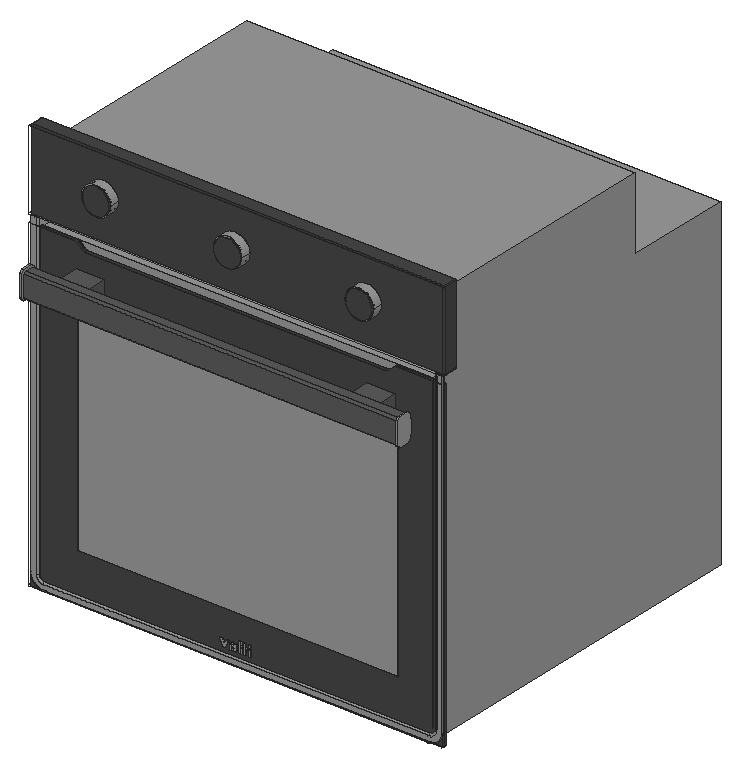
Revit family "57_E750105", category Equipos especializados, Revit 2021
Family settings
  Cota de conector redondo = Diámetro de uso
  Tipo de pieza = Normal
  Se basa en plano de trabajo = No
  Siempre vertical = Sí
  Corte con vacíos al cargar = No
  Compartido = No
  Punto de cálculo de habitación = No
Parameters (values of type "E750105")
  Volumen interior = "75 Litros"
  Voltage / Frecuencia = "220 V"
  Vidrio interior desmontable = "Sí"
  URL = "www.vatti.cl"
  Tirador de puerta = "Acero Inox"
  Timer = "con Autoapagado"
  Termostato con luz indicadora = "Sí"
  Temporizador = "Sí"
  Temperatura Máxima = "250° C"
  Tamaño del producto = "598 x 598 x 555"
  Tamaño del corte en superficie = "598 x 598"
  Sello puerta = "Perimetral 100%"
  Rieles para bandejas = "En cuerpo interior"
  Puerta Vidiro = Panel Vidrio
  Puerta Negro = Panel Negro
  Puerta Interior = Interior Negro
  Potencia = "2080 W"
  Peso = "28,5 Kg"
  Perilla Interior = Perilla Negro
  Perilla Exterior = Acero Inox
  Paneles = "Vidrio - Acero Inox"
  Panel Control Cubierta = Panel Vidrio
  Panel Control = Panel Negro
  Modo de Control = "Control mecanico"
  Modelo = "E750105"
  Fabricante = "Vatti"
  Luz Interior = "Sí"
  Instalación = "Empotrado"
  Grill = "Sí"
  Fondo = 55.5 cm
  Facilidad de Uso = "4 programas de cocción"
  Especificación Técnica = "Horno eléctrico empotrable, marca Vatti, modelo E750105"
  Elevación por defecto = 0 cm
  Descripción = "Horno eléctrico empotrable, marca Vatti, modelo E750105"
  Cuerpo Horno = Steel, Galvanized
  Creado por = "Unibim"
  Convección = "Forzada"
  Contacto teléfono = "+562 2 2478105"
  Contacto e-mail = "cvender@vatti.cl"
  Color Logo = Logo
  Asa Tope = Tapa Asa
  Asa Puerta de Horno = Iron, Gray
  Aprobaciones = "CE/GS/CB/SAA"
  Ancho = 59.8 cm
  Alto = 59.8 cm
  Aislación = "Triple Capa"
Reference planes (cm)
  plane 1 "Center (Front/Back)": y = 0
  plane 2: z = 0
  plane 3 "Center (Left/Right)": x = 0
  plane 4: z = 47.0672
  plane 5: y = 27.75
  plane 6: x = -29.9
  plane 7: x = 29.9
  plane 8: y = -27.75
  plane 9: x = -28.85
  plane 10: x = 28.85
  plane 11: z = 1.05
  plane 12: z = 48.0672
  plane 13: x = -28
  plane 14: x = 28
  plane 15: z = 59.8
Forms (cm)
  Extrusion 1, solid, material "Panel Vidrio" <- "Panel Control Cubierta"
    sketch origin (-91.772, -27.75, 400) x (-1, 0, 0) y (0, 0, 1)
      loop
        line (-62.022, -340.3328) -> (-121.522, -340.3328)
        arc (-121.522, -340.3328) -> (-121.628, -340.3768) -> (-121.672, -340.4828) r 0.15
        line (-121.672, -340.4828) -> (-121.672, -351.7828)
        arc (-121.672, -351.7828) -> (-121.628, -351.8889) -> (-121.522, -351.9328) r 0.15
        line (-121.522, -351.9328) -> (-62.022, -351.9328)
        arc (-62.022, -351.9328) -> (-61.9159, -351.8889) -> (-61.872, -351.7828) r 0.15
        line (-61.872, -351.7828) -> (-61.872, -340.4828)
        arc (-61.872, -340.4828) -> (-61.9159, -340.3768) -> (-62.022, -340.3328) r 0.15
    from 0 to 0.5
  Extrusion 2, solid, material "Panel Vidrio" <- "Puerta Vidiro"
    sketch origin (-91.772, -27.75, 400) x (-1, 0, 0) y (0, 0, 1)
      loop
        arc (-121.522, -352.9328) -> (-121.628, -352.9768) -> (-121.672, -353.0828) r 0.15
        line (-121.672, -353.0828) -> (-121.672, -399.85)
        arc (-121.672, -399.85) -> (-121.628, -399.9561) -> (-121.522, -400) r 0.15
        line (-121.522, -400) -> (-62.022, -400)
        arc (-62.022, -400) -> (-61.9159, -399.9561) -> (-61.872, -399.85) r 0.15
        line (-61.872, -399.85) -> (-61.872, -353.0828)
        arc (-61.872, -353.0828) -> (-61.9159, -352.9768) -> (-62.022, -352.9328) r 0.15
        line (-62.022, -352.9328) -> (-68.482, -352.9328)
        arc (-68.482, -352.9328) -> (-68.7499, -352.9861) -> (-68.977, -353.1379) r 0.7
        line (-68.977, -353.1379) -> (-69.5669, -353.7278)
        arc (-69.5669, -353.7278) -> (-69.794, -353.8796) -> (-70.0619, -353.9328) r 0.7
        line (-70.0619, -353.9328) -> (-113.482, -353.9328)
        arc (-113.482, -353.9328) -> (-113.7499, -353.8796) -> (-113.977, -353.7278) r 0.7
        line (-113.977, -353.7278) -> (-114.5669, -353.1379)
        arc (-114.5669, -353.1379) -> (-114.794, -352.9861) -> (-115.0619, -352.9328) r 0.7
        line (-115.0619, -352.9328) -> (-121.522, -352.9328)
    from 0 to 0.4
  Extrusion 3, solid, material "Panel Negro" <- "Panel Control"
    sketch origin (-91.772, -27.25, 400) x (-1, 0, 0) y (0, 0, 1)
      loop
        line (-62.022, -340.3328) -> (-121.522, -340.3328)
        arc (-121.522, -340.3328) -> (-121.628, -340.3768) -> (-121.672, -340.4828) r 0.15
        line (-121.672, -340.4828) -> (-121.672, -351.7828)
        arc (-121.672, -351.7828) -> (-121.628, -351.8889) -> (-121.522, -351.9328) r 0.15
        line (-121.522, -351.9328) -> (-62.022, -351.9328)
        arc (-62.022, -351.9328) -> (-61.9159, -351.8889) -> (-61.872, -351.7828) r 0.15
        line (-61.872, -351.7828) -> (-61.872, -340.4828)
        arc (-61.872, -340.4828) -> (-61.9159, -340.3768) -> (-62.022, -340.3328) r 0.15
    from 0 to 1.8
  Extrusion 4, solid, material "Panel Negro" <- "Puerta Negro"
    sketch origin (-91.772, -27.35, 400) x (-1, 0, 0) y (0, 0, 1)
      loop
        line (-62.022, -352.9328) -> (-68.482, -352.9328)
        arc (-68.482, -352.9328) -> (-68.7499, -352.9861) -> (-68.977, -353.1379) r 0.7
        line (-68.977, -353.1379) -> (-69.5669, -353.7278)
        arc (-69.5669, -353.7278) -> (-69.794, -353.8796) -> (-70.0619, -353.9328) r 0.7
        line (-70.0619, -353.9328) -> (-113.482, -353.9328)
        arc (-113.482, -353.9328) -> (-113.7499, -353.8796) -> (-113.977, -353.7278) r 0.7
        line (-113.977, -353.7278) -> (-114.5669, -353.1379)
        arc (-114.5669, -353.1379) -> (-114.794, -352.9861) -> (-115.0619, -352.9328) r 0.7
        line (-115.0619, -352.9328) -> (-121.522, -352.9328)
        arc (-121.522, -352.9328) -> (-121.628, -352.9768) -> (-121.672, -353.0828) r 0.15
        line (-121.672, -353.0828) -> (-121.672, -399.85)
        arc (-121.672, -399.85) -> (-121.628, -399.9561) -> (-121.522, -400) r 0.15
        line (-121.522, -400) -> (-62.022, -400)
        arc (-62.022, -400) -> (-61.9159, -399.9561) -> (-61.872, -399.85) r 0.15
        line (-61.872, -399.85) -> (-61.872, -353.0828)
        arc (-61.872, -353.0828) -> (-61.9159, -352.9768) -> (-62.022, -352.9328) r 0.15
      loop
        line (-68.622, -360.9328) -> (-114.922, -360.9328) -> (-114.922, -393.25) -> (-68.622, -393.25) -> (-68.622, -360.9328)
    from 0 to 0.1
  Extrusion 5, solid, material "Interior Negro" <- "Puerta Interior"
    sketch origin (-91.772, -27.25, 400) x (-1, 0, 0) y (0, 0, 1)
      loop
        line (-68.622, -360.9328) -> (-114.922, -360.9328) -> (-114.922, -393.25) -> (-68.622, -393.25) -> (-68.622, -360.9328)
      loop
        line (-63.6864, -352.9328) -> (-119.8575, -352.9328) -> (-119.8575, -398.1)
        arc (-119.8575, -398.1) -> (-119.7885, -398.2666) -> (-119.622, -398.3356) r 0.2356
        line (-119.622, -398.3356) -> (-63.922, -398.3356)
        arc (-63.922, -398.3356) -> (-63.7554, -398.2666) -> (-63.6864, -398.1) r 0.2356
        line (-63.6864, -398.1) -> (-63.6864, -352.9328)
    from 0 to 2.04
  Extrusion 6, solid, material "Acero Inox" <- "Perilla Exterior"
    sketch origin (-91.772, -27.75, 400) x (1, 0, 0) y (0, 0, 1)
      loop
        circle (91.772, -345.7028) r 2.07
      loop
        circle (91.772, -345.7028) r 1.94
      loop
        circle (110.772, -345.7028) r 2.07
      loop
        circle (110.772, -345.7028) r 1.94
      loop
        circle (72.772, -345.7028) r 2.07
      loop
        circle (72.772, -345.7028) r 1.94
    from 0.1 to 1.4
  Extrusion 7, solid, material "Perilla Negro" <- "Perilla Interior"
    sketch origin (-91.772, -27.75, 400) x (1, 0, 0) y (0, 0, 1)
      loop
        circle (91.772, -345.7028) r 1.94
      loop
        circle (110.772, -345.7028) r 1.94
      loop
        circle (72.772, -345.7028) r 1.94
    from 0 to 1.5
  Extrusion 8, void
    sketch origin (-29.75, -25.75, 0) x (-1, 0, 0) y (0, 0, 1)
      loop
        line (-6.6, 47.0672) -> (-6.6, 48.0672) -> (-13.8, 48.0672) -> (-13.8, 47.0672) -> (-6.6, 47.0672)
      loop
        line (-50.6, 47.0672) -> (-45.4, 47.0672) -> (-45.4, 48.0672) -> (-50.6, 48.0672) -> (-50.6, 47.0672)
      loop
        line (-29.65, 47.0672) -> (-29.65, 48.0672) -> (-34.8, 48.0672) -> (-34.8, 47.0672) -> (-29.65, 47.0672)
      loop
        line (-29.55, 48.0672) -> (-29.55, 47.0672) -> (-24.4, 47.0672) -> (-24.4, 48.0672) -> (-29.55, 48.0672)
      loop
        line (-24.3, 48.0672) -> (-24.3, 47.0672) -> (-19.15, 47.0672) -> (-19.15, 48.0672) -> (-24.3, 48.0672)
      loop
        line (-19.05, 48.0672) -> (-19.05, 47.0672) -> (-13.9, 47.0672) -> (-13.9, 48.0672) -> (-19.05, 48.0672)
      loop
        line (-34.9, 47.0672) -> (-34.9, 48.0672) -> (-40.05, 48.0672) -> (-40.05, 47.0672) -> (-34.9, 47.0672)
      loop
        line (-40.15, 47.0672) -> (-40.15, 48.0672) -> (-45.3, 48.0672) -> (-45.3, 47.0672) -> (-40.15, 47.0672)
    from 0 to 1.5
  Extrusion 9, solid, material "Steel, Galvanized" <- "Cuerpo Horno"
    sketch origin (-28.85, -153.4, 86.4408) x (0, 0, 1) y (0, -1, 0)
      loop
        line (-39.4408, -178.2) -> (-39.4408, -162.75) -> (-28.8408, -162.75) -> (-28.8408, -127.85) -> (-86.4408, -127.85) -> (-86.4408, -178.2) -> (-39.4408, -178.2)
    from 0.85 to 56.85
  Extrusion 10, solid, material "Panel Interior"
    sketch origin (-91.772, -25.21, 400) x (-1, 0, 0) y (0, 0, 1)
      loop
        line (-68.622, -360.9328) -> (-114.922, -360.9328) -> (-114.922, -393.25) -> (-68.622, -393.25) -> (-68.622, -360.9328)
    from 0 to -2.12
  Sweep 11, solid, material "Interior Negro"
    path origin (-91.772, -25.75, 400) x (-1, 0, 0) y (0, 0, 1)
      loop
        line (-119.772, -351.9328) -> (-119.772, -398.1)
        arc (-119.772, -398.1) -> (-119.728, -398.2061) -> (-119.622, -398.25) r 0.15
        line (-119.622, -398.25) -> (-63.922, -398.25)
        arc (-63.922, -398.25) -> (-63.8159, -398.2061) -> (-63.772, -398.1) r 0.15
        line (-63.772, -398.1) -> (-63.772, -351.9328)
    profile origin (-28, -25.75, 24.9836) x (1, 0, 0) y (0, 1, 0)
      loop
        line (0, 0) -> (-0.0856, 0) -> (-0.7013, -1.6222)
        arc (-0.7013, -1.6222) -> (-0.7821, -1.7252) -> (-0.907, -1.7642) r 0.22
        line (-0.907, -1.7642) -> (-1.71, -1.7642)
        arc (-1.71, -1.7642) -> (-1.75, -1.8042) -> (-1.71, -1.8442) r 0.04
        line (-1.71, -1.8442) -> (-0.907, -1.8442)
        arc (-0.907, -1.8442) -> (-0.7366, -1.7911) -> (-0.6265, -1.6506) r 0.3
        line (-0.6265, -1.6506) -> (0, 0)
  Extrusion 12, solid, material "Iron, Gray" <- "Asa Puerta de Horno"
    sketch origin (0, 0, 0) x (0, 1, 0) y (0, 0, 1)
      loop
        line (-32.1, 43.7172) -> (-32.35, 43.4672) -> (-32.35, 40.3672) -> (-32.1, 40.1172) -> (-30.8, 40.1172) -> (-30.55, 40.3672)
        arc (-30.55, 40.3672) -> (-30.3563, 41.9172) -> (-30.55, 43.4672) r 6.3
        line (-30.55, 43.4672) -> (-30.8, 43.7172) -> (-32.1, 43.7172)
    from -27 to 27
  Extrusion 13, solid, material "Iron, Gray" <- "Asa Puerta de Horno"
    sketch origin (-91.772, -27.75, 400) x (-1, 0, 0) y (0, 0, 1)
      loop
        line (-68.772, -356.5328) -> (-72.772, -356.5328) -> (-72.772, -359.6328) -> (-68.772, -359.6328) -> (-68.772, -356.5328)
      loop
        line (-114.772, -356.5328) -> (-114.772, -359.6328) -> (-110.772, -359.6328) -> (-110.772, -356.5328) -> (-114.772, -356.5328)
    from 0 to -3.1064
  Blend 14, solid, material "Steel, Galvanized" <- "Cuerpo Horno"
    base sketch origin (-28.85, 24.8, 0) x (0, 0, 1) y (1, 0, 0)
      loop
        line (44, 8.85) -> (44, 48.85)
        arc (44, 48.85) -> (42.5355, 52.3855) -> (39, 53.85) r 5
        line (39, 53.85) -> (8, 53.85)
        arc (8, 53.85) -> (4.4645, 52.3855) -> (3, 48.85) r 5
        line (3, 48.85) -> (3, 8.85)
        arc (3, 8.85) -> (4.4645, 5.3145) -> (8, 3.85) r 5
        line (8, 3.85) -> (39, 3.85)
        arc (39, 3.85) -> (42.5355, 5.3145) -> (44, 8.85) r 5
    top sketch origin (-28.85, 24.8, 0) x (0, 0, 1) y (1, 0, 0)
      loop
        line (41, 8.85) -> (41, 48.85)
        arc (41, 48.85) -> (40.4142, 50.2642) -> (39, 50.85) r 2
        line (39, 50.85) -> (8, 50.85)
        arc (8, 50.85) -> (6.5858, 50.2642) -> (6, 48.85) r 2
        line (6, 48.85) -> (6, 8.85)
        arc (6, 8.85) -> (6.5858, 7.4358) -> (8, 6.85) r 2
        line (8, 6.85) -> (39, 6.85)
        arc (39, 6.85) -> (40.4142, 7.4358) -> (41, 8.85) r 2
    from 0 to 2.95
  Extrusion 15, solid, material "Panel Negro" <- "Panel Control"
    sketch origin (-28.85, 9.35, 47) x (0, 0, 1) y (1, 0, 0)
      loop
        line (8.1, 41.85) -> (8.1, 50.85) -> (2.5, 50.85) -> (2.5, 41.85) -> (8.1, 41.85)
    from 0 to 3
  Extrusion 16, solid, material "Tapa Asa" <- "Asa Tope"
    sketch origin (-27, 0, 0) x (0, -1, 0) y (0, 0, 1)
      loop
        line (30.7172, 43.9172) -> (30.37, 43.57)
        arc (30.37, 43.57) -> (30.1563, 41.9172) -> (30.37, 40.2643) r 6.5
        line (30.37, 40.2643) -> (30.7172, 39.9172) -> (32.1828, 39.9172) -> (32.55, 40.2843) -> (32.55, 43.55) -> (32.1828, 43.9172) -> (30.7172, 43.9172)
    from 0 to 0.3
  Extrusion 17, solid, material "Tapa Asa" <- "Asa Tope"
    sketch origin (27, 0, 0) x (0, -1, 0) y (0, 0, -1)
      loop
        line (30.7172, -43.9172) -> (32.1828, -43.9172) -> (32.55, -43.55) -> (32.55, -40.2843) -> (32.1828, -39.9172) -> (30.7172, -39.9172) -> (30.37, -40.2643)
        arc (30.37, -40.2643) -> (30.1563, -41.9172) -> (30.37, -43.57) r 6.5
        line (30.37, -43.57) -> (30.7172, -43.9172)
    from 0 to 0.3
Cuts and joins
  Extrusion 8 cuts Extrusion 9
  joined: Extrusion 9, Blend 14
  joined: Extrusion 12, Extrusion 13
Dimensions and locks (cm)
  equal spacing: plane 6, plane 3 "Center (Left/Right)", plane 7
  equal spacing: plane 5, plane 1 "Center (Front/Back)", plane 8
  "Fondo": plane 5 to plane 8
  "Ancho": plane 6 to plane 7
  plane 9 to plane 6 = 1.05 cm
  plane 7 to plane 10 = 1.05 cm
  plane 11 to level = 1.05 cm
  plane 4 to level = 47.0672 cm
  plane 12 to plane 4 = 1 cm
  "Alto": plane 15 to level
  aligned and locked: level to plane 2
  aligned and locked: plane 4 to Extrusion 2
Automatic sketch dimensions
  Extrusion 1 sketch curve to plane 7 = 0 cm
  Extrusion 1 sketch curve to plane 12 = 0 cm
  Extrusion 1 sketch curve to plane 6 = 0 cm
  Extrusion 1 sketch curve to Extrusion 1 sketch curve = 0.15 cm  (x2)
  plane 6 to Extrusion 1 sketch curve = 0.15 cm  (x2)
  Extrusion 1 sketch curve to plane 15 = 0.2828 cm
  Extrusion 2 sketch curve to plane 7 = 0 cm
  Extrusion 2 sketch curve to plane 4 = 0 cm  (x2)
  Extrusion 2 sketch curve to level = 0 cm
  Extrusion 2 sketch curve to plane 6 = 0 cm
  Extrusion 2 sketch curve to plane 7 = 0.15 cm
  level to Extrusion 2 sketch curve = 0.15 cm
  plane 14 to Extrusion 2 sketch curve = 4.7101 cm
  Extrusion 2 sketch curve to plane 4 = 0.205 cm  (x2)
  Extrusion 2 sketch curve to Extrusion 2 sketch curve = 0.495 cm  (x3)
  Extrusion 2 sketch curve to plane 4 = 0.795 cm  (x2)
  Extrusion 2 sketch curve to Extrusion 2 sketch curve = 0.5899 cm  (x2)
  Extrusion 2 sketch curve to plane 4 = 0.3 cm  (x2)
  Extrusion 2 sketch curve to plane 13 = 6.2899 cm
  plane 6 to Extrusion 2 sketch curve = 0.15 cm
  Extrusion 2 sketch curve to Extrusion 2 sketch curve = 0.15 cm
  Extrusion 3 sketch curve to Extrusion 1 = 0.15 cm  (x2)
  Extrusion 2 to Extrusion 4 sketch curve = 0 cm
  Extrusion 4 sketch curve to Extrusion 2 = 0 cm
  Extrusion 4 sketch curve to Extrusion 4 sketch curve = 0.15 cm
  Extrusion 2 to Extrusion 4 sketch curve = 0.3 cm
  Extrusion 4 sketch curve to Extrusion 2 = 6.75 cm  (x3)
  Extrusion 4 sketch curve to Extrusion 2 = 0.205 cm  (x2)
  Extrusion 2 to Extrusion 4 sketch curve = 0.205 cm  (x2)
  Extrusion 4 sketch curve to Extrusion 2 = 0.3 cm
  Extrusion 4 sketch curve to Extrusion 2 = 0.15 cm
  Extrusion 4 sketch curve to Extrusion 2 = 7 cm
  Extrusion 5 sketch curve to Extrusion 4 = 0 cm  (x5)
  Extrusion 5 sketch curve to Extrusion 4 = 2.05 cm  (x2)
  Extrusion 5 sketch curve to Extrusion 4 = 1.8144 cm
  Extrusion 5 sketch curve to Extrusion 5 sketch curve = 0.2356 cm
  Extrusion 5 sketch curve to Extrusion 4 = 1.9 cm
  Extrusion 6 sketch curve to Extrusion 6 sketch curve = 0 cm  (x6)
  Extrusion 6 sketch curve to Extrusion 1 = 5.37 cm  (x3)
  Extrusion 6 sketch curve to Extrusion 1 = 10.9 cm  (x2)
  Extrusion 6 sketch curve to Extrusion 6 sketch curve = 19 cm
  Extrusion 7 sketch curve to Extrusion 7 sketch curve = 0 cm  (x6)
  Extrusion 7 sketch curve to Extrusion 1 = 5.37 cm  (x3)
  Extrusion 7 sketch curve to Extrusion 1 = 10.9 cm  (x2)
  Extrusion 7 sketch curve to Extrusion 7 sketch curve = 19 cm
  Extrusion 7 sketch curve to Extrusion 7 sketch curve = 1.94 cm  (x3)
  Extrusion 8 sketch curve to plane 4 = 0 cm  (x8)
  Extrusion 8 sketch curve to plane 12 = 0 cm  (x8)
  plane 14 to Extrusion 8 sketch curve = 7.15 cm
  Extrusion 8 sketch curve to Extrusion 8 sketch curve = 5.2 cm
  Extrusion 8 sketch curve to Extrusion 8 sketch curve = 0.1 cm  (x7)
  Extrusion 8 sketch curve to Extrusion 8 sketch curve = 5.15 cm  (x5)
  Extrusion 8 sketch curve to plane 3 "Center (Left/Right)" = 0.1 cm
  Extrusion 8 sketch curve to plane 13 = 4.85 cm
  Extrusion 9 sketch curve to level = 0 cm
  Extrusion 9 sketch curve to plane 4 = 0.0672 cm
  Extrusion 9 sketch curve to plane 15 = 2.2 cm
  Extrusion 9 sketch curve to plane 5 = 2.95 cm
  Extrusion 9 sketch curve to plane 1 "Center (Front/Back)" = 9.35 cm
  plane 8 to Extrusion 9 sketch curve = 2.2 cm
  Extrusion 10 sketch curve to Extrusion 5 = 0 cm  (x4)
  plane 14 to Sweep 11 sketch curve = 0 cm
  Sweep 11 sketch curve to plane 12 = 0 cm  (x2)
  plane 13 to Sweep 11 sketch curve = 0 cm
  plane 14 to Sweep 11 sketch curve = 0.15 cm
  Sweep 11 sketch curve to Sweep 11 sketch curve = 0.15 cm
  plane 11 to Sweep 11 sketch curve = 0.85 cm
  Sweep 11 sketch curve to Sweep 11 sketch curve = 0 cm  (x2)
  Sweep 11 sketch curve to profile plane = 0 cm  (x2)
  Sweep 11 sketch curve to Sweep 11 sketch curve = 0.0856 cm
  profile plane to Sweep 11 sketch curve = 0.6265 cm
  Sweep 11 sketch curve to Sweep 11 sketch curve = 0.0748 cm
  Sweep 11 sketch curve to Sweep 11 sketch curve = 0.2057 cm
  Sweep 11 sketch curve to Sweep 11 sketch curve = 0.803 cm
  Sweep 11 sketch curve to profile plane = 1.5442 cm
  Sweep 11 sketch curve to Sweep 11 sketch curve = 0.0781 cm
  Sweep 11 sketch curve to Sweep 11 sketch curve = 0.0284 cm
  Extrusion 12 sketch curve to plane 8 = 8.9063 cm
  Extrusion 12 sketch curve to Extrusion 12 sketch curve = 4.3063 cm
  Extrusion 12 sketch curve to Extrusion 12 sketch curve = 0.25 cm  (x7)
  Extrusion 12 sketch curve to Extrusion 12 sketch curve = 1.3 cm  (x2)
  Extrusion 12 sketch curve to plane 4 = 6.95 cm
  Extrusion 12 sketch curve to Extrusion 12 sketch curve = 1.55 cm
  Extrusion 12 sketch curve to Extrusion 12 sketch curve = 0 cm
  plane 14 to Extrusion 13 sketch curve = 5 cm
  Extrusion 13 sketch curve to Extrusion 13 sketch curve = 4 cm  (x2)
  Extrusion 13 sketch curve to plane 4 = 3.6 cm  (x2)
  Extrusion 13 sketch curve to plane 13 = 9 cm
  Extrusion 13 sketch curve to Extrusion 13 sketch curve = 3.1 cm  (x2)
  Blend 14 sketch curve to Extrusion 9 = 3 cm
  Extrusion 9 to Blend 14 sketch curve = 3 cm  (x3)
  Blend 14 sketch curve to Blend 14 sketch curve = 5 cm  (x2)
  Extrusion 9 to Blend 14 sketch curve = 8 cm  (x5)
  Blend 14 sketch curve to Extrusion 9 = 6 cm
  Blend 14 sketch curve to Blend 14 sketch curve = 2 cm  (x3)
  Extrusion 9 to Blend 14 sketch curve = 6 cm
  Extrusion 9 to Extrusion 15 sketch curve = 2.5 cm  (x2)
  Extrusion 9 to Extrusion 15 sketch curve = 15 cm
  Extrusion 9 to Extrusion 15 sketch curve = 6 cm
  Extrusion 12 to Extrusion 16 sketch curve = 0.2 cm  (x3)
  Extrusion 16 sketch curve to Extrusion 12 = 0.1672 cm  (x4)
  Extrusion 16 sketch curve to Extrusion 16 sketch curve = 1.4657 cm  (x2)
  Extrusion 16 sketch curve to Extrusion 12 = 0.1471 cm  (x2)
  Extrusion 17 sketch curve to plane 8 = 2.62 cm  (x2)
  Extrusion 17 sketch curve to Extrusion 17 sketch curve = 0.3471 cm  (x4)
  Extrusion 17 sketch curve to Extrusion 17 sketch curve = 1.4657 cm  (x2)
  Extrusion 17 sketch curve to Extrusion 17 sketch curve = 0.3672 cm  (x2)
  Extrusion 17 sketch curve to Extrusion 17 sketch curve = 4.1063 cm
  Extrusion 17 sketch curve to plane 4 = 3.15 cm
  Extrusion 17 sketch curve to Extrusion 17 sketch curve = 1.6328 cm
  Extrusion 17 sketch curve to Extrusion 17 sketch curve = 0.02 cm
  radius of Extrusion 3 sketch curve to Extrusion 1 = 0 cm  (x2)
  radius of Extrusion 4 sketch curve to Extrusion 2 = 0 cm  (x4)
  radius of Extrusion 6 sketch curve = 2.07 cm  (x3)
  radius of Extrusion 6 sketch curve = 1.94 cm  (x3)
  radius of Extrusion 12 to Extrusion 16 sketch curve = 0.2 cm
Nested families (cm)
  nested 1: "Logo Plano" at (0, -27.75, 2.9579) x (1, 0, 0) z (0, -1, 0), type "Logo Plano"
Connectors (cm)
  electrical at (17.5, 12.35, 52.3)
    settings: on Extrusion 15, index 1, voltage 220 V, apparent load 0 VA, apparent load phase1 0 VA, apparent load phase2 0 VA, apparent load phase3 0 VA, power factor 1, load classification "Other", number of poles 1, system type 31, power factor state 1, is connector primary yes, connector utility no, sub classification motor no, connector description ""
Definition of nested family "Logo Plano"
  Parameters (values of type "Logo Plano")
    Default Elevation = 121.92 cm
    Color Logo = none
  Reference planes (cm)
    plane 1 "Center (Front/Back)": y = 0
    plane 2: z = 0
    plane 3 "Center (Left/Right)": x = 0
  Forms (cm)
    Extrusion 1, solid
      sketch origin (0, 0, 0) x (1, 0, 0) y (0, 1, 0)
        loop
          line (-121.92, 121.92) -> (-121.92, -121.92) -> (121.92, -121.92) -> (121.92, 121.92) -> (-121.92, 121.92)
      from 0 to -30.48
    Extrusion 2, solid, material <- "Color Logo"
      sketch origin (0, 0, 0) x (1, 0, 0) y (0, 1, 0)
        loop
          line (1.8947, 0.6129) -> (1.8947, 0.3229) -> (2.2247, 0.3229) -> (2.2247, 0.6129) -> (1.8947, 0.6129)
        loop
          line (1.8947, -0.873) -> (2.2247, -0.873) -> (2.2247, 0.1687) -> (1.8947, 0.1687) -> (1.8947, -0.873)
        loop
          line (1.2047, 0.6129) -> (1.2047, -0.773)
          arc (1.2047, -0.773) -> (1.2339, -0.8437) -> (1.3047, -0.873) r 0.1
          line (1.3047, -0.873) -> (1.5347, -0.873) -> (1.5347, -0.1313) -> (1.7247, -0.1313) -> (1.7247, 0.1687) -> (1.5347, 0.1687) -> (1.5347, 0.6129) -> (1.2047, 0.6129)
        loop
          line (0.4944, 0.6129) -> (0.4944, -0.773)
          arc (0.4944, -0.773) -> (0.5236, -0.8437) -> (0.5944, -0.873) r 0.1
          line (0.5944, -0.873) -> (0.8244, -0.873) -> (0.8244, -0.1313) -> (1.0144, -0.1313) -> (1.0144, 0.1687) -> (0.8244, 0.1687) -> (0.8244, 0.6129) -> (0.4944, 0.6129)
        loop
          line (0.0962, 0.1687) -> (-0.6704, 0.1687) -> (-0.7785, -0.063) -> (-0.1838, -0.063)
          arc (-0.1838, -0.063) -> (-0.1484, -0.0777) -> (-0.1338, -0.113) r 0.05
          line (-0.1338, -0.113) -> (-0.1338, -0.233) -> (-0.7438, -0.233)
          arc (-0.7438, -0.233) -> (-0.8145, -0.2623) -> (-0.8438, -0.333) r 0.1
          line (-0.8438, -0.333) -> (-0.8438, -0.773)
          arc (-0.8438, -0.773) -> (-0.8145, -0.8437) -> (-0.7438, -0.873) r 0.1
          line (-0.7438, -0.873) -> (0.0962, -0.873)
          arc (0.0962, -0.873) -> (0.1669, -0.8437) -> (0.1962, -0.773) r 0.1
          line (0.1962, -0.773) -> (0.1962, 0.0687)
          arc (0.1962, 0.0687) -> (0.1669, 0.1394) -> (0.0962, 0.1687) r 0.1
        loop
          line (-0.1838, -0.468) -> (-0.4538, -0.468)
          arc (-0.4538, -0.468) -> (-0.4891, -0.4827) -> (-0.5038, -0.518) r 0.05
          line (-0.5038, -0.518) -> (-0.5038, -0.598)
          arc (-0.5038, -0.598) -> (-0.4891, -0.6334) -> (-0.4538, -0.648) r 0.05
          line (-0.4538, -0.648) -> (-0.1838, -0.648)
          arc (-0.1838, -0.648) -> (-0.1484, -0.6334) -> (-0.1338, -0.598) r 0.05
          line (-0.1338, -0.598) -> (-0.1338, -0.518)
          arc (-0.1338, -0.518) -> (-0.1484, -0.4827) -> (-0.1838, -0.468) r 0.05
        loop
          line (-1.8848, 0.1687) -> (-2.2224, 0.1687) -> (-1.7934, -0.7357)
          arc (-1.7934, -0.7357) -> (-1.5765, -0.8728) -> (-1.3597, -0.7357) r 0.24
          line (-1.3597, -0.7357) -> (-0.9307, 0.1687) -> (-1.2682, 0.1687) -> (-1.5765, -0.4812) -> (-1.8848, 0.1687)
      from 0 to 0.1
    Extrusion 3, void
      sketch origin (0, 0, 0) x (1, 0, 0) y (0, 1, 0)
        loop
          line (-2.5564, 1.2198) -> (-2.5564, -1.2802) -> (2.6825, -1.2802) -> (2.6825, 1.2198) -> (-2.5564, 1.2198)
      from 0.02 to 0.1
  Cuts and joins
    Extrusion 3 cuts Extrusion 2
  Dimensions and locks (cm)
    aligned and locked: plane 2 to Extrusion 1
    aligned and locked: level to Extrusion 1
